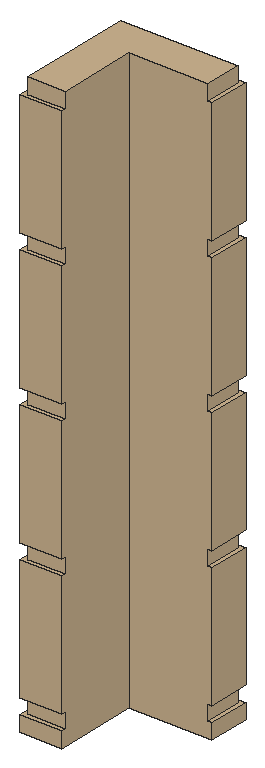
Revit family "GEN_A3-654-CORNER-SINGLE-(STAFF)", category Columns, Revit 2016
Family settings
  Cut with Voids When Loaded = No
  Automatically joins geometry to walls = Yes
  Shared = No
  Show family pre-cut in plan views = Yes
Parameters (values of type "646-FF-C")
  STEP = 850 mm
  NIB WIDTH = 690 mm
  NIB = 230 mm
  Assembly Code = ""
Types (2, lengths in mm): name | STEP | NIB WIDTH
  646-FF-C | 850 | 690
  646-PIER-DOUBLE GF | 1020 | 575
Reference planes
  plane 1 "Center (Front/Back)": y = 20
  plane 2: z = 3060
  plane 3 "Center (Left/Right)": x = -20
  plane 4 "Left": x = -250
  plane 5 "Right": x = 440
  plane 6 "Back": y = 250
  plane 7 "Front": y = -440
  plane 8: z = 2380
  plane 9: z = 4080
  plane 10: z = 4845
  plane 11: z = 3315
  plane 12: z = 2550
Forms (mm)
  Extrusion 1, solid, material "-WALL"
    sketch origin (0, 0, 3230) x (1, 0, 0) y (0, 1, 0)
      loop
        line (-250, -440) -> (-20, -440) -> (-20, 20) -> (440, 20) -> (440, 250) -> (-250, 250) -> (-250, -440)
    from -850 to 2380
  Sweep 2, void
    path origin (0, 0, 3230) x (1, 0, 0) y (0, 1, 0)
      loop
        line (440, 20) -> (440, 250) -> (-250, 250) -> (-250, -440) -> (-20, -440)
    profile origin (95, 250, 3230) x (0, -1, 0) y (0, 0, 1)
      loop
        line (25, 0) -> (25, 85) -> (-25, 85) -> (-25, 0) -> (25, 0)
  Sweep 3, void
    path origin (0, 0, 3060) x (1, 0, 0) y (0, 1, 0)
      loop
        line (440, 20) -> (440, 250) -> (-250, 250) -> (-250, -440) -> (-20, -440)
    profile origin (95, 250, 3060) x (0, -1, 0) y (0, 0, 1)
      loop
        line (25, 2465) -> (25, 2550) -> (-25, 2550) -> (-25, 2465) -> (25, 2465)
  Sweep 4, void
    path origin (0, 0, 2295) x (1, 0, 0) y (0, 1, 0)
      loop
        line (440, 20) -> (440, 250) -> (-250, 250) -> (-250, -440) -> (-20, -440)
    profile origin (95, 250, 2295) x (0, -1, 0) y (0, 0, 1)
      loop
        line (25, 2465) -> (25, 2550) -> (-25, 2550) -> (-25, 2465) -> (25, 2465)
  Sweep 5, void
    path origin (0, 0, 1530) x (1, 0, 0) y (0, 1, 0)
      loop
        line (440, 20) -> (440, 250) -> (-250, 250) -> (-250, -440) -> (-20, -440)
    profile origin (95, 250, 1530) x (0, -1, 0) y (0, 0, 1)
      loop
        line (25, 2465) -> (25, 2550) -> (-25, 2550) -> (-25, 2465) -> (25, 2465)
  Sweep 6, void
    path origin (0, 0, 2465) x (1, 0, 0) y (0, 1, 0)
      loop
        line (440, 20) -> (440, 250) -> (-250, 250) -> (-250, -440) -> (-20, -440)
    profile origin (95, 250, 2465) x (0, -1, 0) y (0, 0, 1)
      loop
        line (25, 0) -> (25, 85) -> (-25, 85) -> (-25, 0) -> (25, 0)
Cuts and joins
  Sweep 2, Sweep 3, Sweep 4, Sweep 5, Sweep 6 cuts Extrusion 1
Dimensions and locks
  "NIB WIDTH": plane 4 "Left" to plane 5 "Right"
  "NIB WIDTH": plane 7 "Front" to plane 6 "Back"
  "NIB": plane 1 "Center (Front/Back)" to plane 6 "Back"
  "NIB": plane 4 "Left" to plane 3 "Center (Left/Right)"
  "STEP": plane 8 to level
  plane 12 to plane 11 to plane 9 to plane 10 to level = 765 mm locked, 765 mm locked, 765 mm locked, 765 mm locked
  aligned and locked: Extrusion 1 sketch curve to plane 4 "Left"
  aligned and locked: Extrusion 1 sketch curve to plane 6 "Back"
  aligned and locked: Extrusion 1 sketch curve to plane 5 "Right"
  aligned and locked: Extrusion 1 sketch curve to plane 7 "Front"
  aligned and locked: Extrusion 1 sketch curve to plane 3 "Center (Left/Right)"
  aligned and locked: Extrusion 1 sketch curve to plane 1 "Center (Front/Back)"
  aligned and locked: level to Extrusion 1
  aligned and locked: plane 8 to Extrusion 1
Automatic sketch dimensions
  Sweep 2 sketch curve to plane 4 "Left" = 0 mm
  Sweep 2 sketch curve to plane 3 "Center (Left/Right)" = 0 mm
  Sweep 2 sketch curve to plane 5 "Right" = 0 mm
  Sweep 2 sketch curve to plane 7 "Front" = 0 mm
  Sweep 2 sketch curve to plane 1 "Center (Front/Back)" = 0 mm
  Sweep 2 sketch curve to plane 6 "Back" = 0 mm
  Sweep 2 sketch curve to level = 0 mm
  profile plane to Sweep 2 sketch curve = 25 mm
  Sweep 2 sketch curve to profile plane = 25 mm
  Sweep 2 sketch curve to Sweep 2 sketch curve = 85 mm
  Sweep 3 sketch curve to plane 4 "Left" = 0 mm
  Sweep 3 sketch curve to plane 3 "Center (Left/Right)" = 0 mm
  Sweep 3 sketch curve to plane 5 "Right" = 0 mm
  Sweep 3 sketch curve to plane 7 "Front" = 0 mm
  Sweep 3 sketch curve to plane 1 "Center (Front/Back)" = 0 mm
  Sweep 3 sketch curve to plane 6 "Back" = 0 mm
  profile plane to Sweep 3 sketch curve = 25 mm
  Sweep 3 sketch curve to profile plane = 25 mm
  profile plane to Sweep 3 sketch curve = 2465 mm
  Sweep 3 sketch curve to Sweep 3 sketch curve = 85 mm
  Sweep 4 sketch curve to plane 4 "Left" = 0 mm
  Sweep 4 sketch curve to plane 3 "Center (Left/Right)" = 0 mm
  Sweep 4 sketch curve to plane 5 "Right" = 0 mm
  Sweep 4 sketch curve to plane 7 "Front" = 0 mm
  Sweep 4 sketch curve to plane 1 "Center (Front/Back)" = 0 mm
  Sweep 4 sketch curve to plane 6 "Back" = 0 mm
  profile plane to Sweep 4 sketch curve = 25 mm
  Sweep 4 sketch curve to profile plane = 25 mm
  profile plane to Sweep 4 sketch curve = 2465 mm
  Sweep 4 sketch curve to Sweep 4 sketch curve = 85 mm
  Sweep 5 sketch curve to plane 4 "Left" = 0 mm
  Sweep 5 sketch curve to plane 3 "Center (Left/Right)" = 0 mm
  Sweep 5 sketch curve to plane 5 "Right" = 0 mm
  Sweep 5 sketch curve to plane 7 "Front" = 0 mm
  Sweep 5 sketch curve to plane 1 "Center (Front/Back)" = 0 mm
  Sweep 5 sketch curve to plane 6 "Back" = 0 mm
  profile plane to Sweep 5 sketch curve = 25 mm
  Sweep 5 sketch curve to profile plane = 25 mm
  profile plane to Sweep 5 sketch curve = 2465 mm
  Sweep 5 sketch curve to Sweep 5 sketch curve = 85 mm
  Sweep 6 sketch curve to plane 4 "Left" = 0 mm
  Sweep 6 sketch curve to plane 3 "Center (Left/Right)" = 0 mm
  Sweep 6 sketch curve to plane 5 "Right" = 0 mm
  Sweep 6 sketch curve to plane 7 "Front" = 0 mm
  Sweep 6 sketch curve to plane 1 "Center (Front/Back)" = 0 mm
  Sweep 6 sketch curve to plane 6 "Back" = 0 mm
  Sweep 6 sketch curve to profile plane = 0 mm
  profile plane to Sweep 6 sketch curve = 25 mm
  Sweep 6 sketch curve to profile plane = 25 mm
  Sweep 6 sketch curve to Sweep 6 sketch curve = 85 mm
